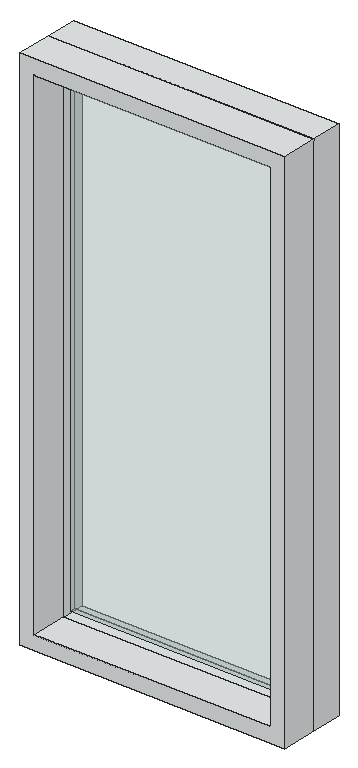
Revit family "CT_Janela_Interna_DEG", category Windows, host Wall, Revit 2025
Family settings
  Host = Wall
  OmniClass Number = 23.30.20.17.21.14
  OmniClass Title = Casement Windows
  Always vertical = Yes
  Cut with Voids When Loaded = No
  Shared = No
  Room Calculation Point = Yes
Parameters (values of type "JAN_060x120_INT_DEG_1PA")
  Material_Esquadria = CT_Esquadrias_Aluminio
  Material Painel = CT_Vidros
  Height = 1200.00 mm
  Define Thermal Properties by = Schematic Type
  Default Sill Height = Altura_Verga - Height  # 900.00 mm
  Trim Projection - Ext. = 12.50 mm
  Trim Projection - Int. = 12.50 mm
  Trim Width - Exterior = 50.00 mm
  Trim Width - Interior = 50.00 mm
  Wall Closure = By host
  Width = 600.00 mm
  Window Inset = 25.00 mm
  Analytic Construction = "<None>"
  Altura_Verga = 2100.00 mm
Types (4, lengths in mm): name | Height | Default Sill Height | Trim Projection - Ext. | Trim Projection - Int. | Trim Width - Exterior | Trim Width - Interior | Width | Window Inset
  JAN_200x060_INT_DEG_1PA | 600.00 | 1500.00 | 12.50 | 12.50 | 50.00 | 50.00 | 2000.00 | 25.00
  JAN_120x120_INT_DEG_1PA | 1200.00 | 900.00 | 12.50 | 12.50 | 50.00 | 50.00 | 1200.00 | 25.00
  JAN_060x120_INT_DEG_1PA | 1200.00 | 900.00 | 12.50 | 12.50 | 50.00 | 50.00 | 600.00 | 25.00
  JAN_080x080_INT_DEG_1PA | 800.00 | 1300.00 | 10.00 | 10.00 | 10.00 | 10.00 | 800.00 | 10.00
Reference planes
  plane 1: y = 0
  plane 2: z = 0
  plane 3 "Center": x = 0
  plane 4 "Left": x = -300
  plane 5 "Right": x = 300
  plane 6 "Sill": z = 900
  plane 7 "Top": z = 2100
  plane 8: y = 76.2
  plane 9: y = -76.2
  plane 10: y = 51.2
  plane 11 "Top": z = 1500
  plane 12: x = -280.95
  plane 13: x = -268.25
  plane 14: x = -330.95
  plane 15: x = -318.25
  plane 16: x = 268.25
  plane 17: x = 280.95
  plane 18: x = 318.25
  plane 19: x = 330.95
  plane 20: z = 2130.95
  plane 21: z = 2118.25
  plane 22: z = 2080.95
  plane 23: z = 2068.25
  plane 24: z = 931.75
  plane 25: z = 881.75
  plane 26 "Closure": y = 28.625
Forms (mm)
  Extrusion 1, solid, material "CT_Esquadrias_Aluminio" <- "Material_Esquadria"
    sketch origin (0, 0, 0) x (1, 0, 0) y (0, 0, 1)
      loop
        line (-300, 2100) -> (-300, 900) -> (300, 900) -> (300, 2100) -> (-300, 2100)
      loop
        line (-280.95, 2080.95) -> (-280.95, 919.05) -> (280.95, 919.05) -> (280.95, 2080.95) -> (-280.95, 2080.95)
    from -76.2 to -6.75
  Extrusion 2, solid, material "CT_Esquadrias_Aluminio" <- "Material_Esquadria"
    sketch origin (0, 0, 0) x (-1, 0, 0) y (0, 0, 1)
      loop
        line (-300, 2100) -> (-300, 900) -> (300, 900) -> (300, 2100) -> (-300, 2100)
      loop
        line (-268.25, 2068.25) -> (-268.25, 931.75) -> (268.25, 931.75) -> (268.25, 2068.25) -> (-268.25, 2068.25)
    from 6.75 to -76.2
  Extrusion 3, solid, material "CT_Vidros" <- "Material Painel"
    sketch origin (-124.971, -78.7, -117.036) x (1, 0, 0) y (0, 0, 1)
      loop
        line (-143.279, 2185.286) -> (-143.279, 1048.786) -> (393.221, 1048.786) -> (393.221, 2185.286) -> (-143.279, 2185.286)
    from -118.585 to -107.675
Lines and regions (mm)
  Opening 1
    outline origin (-1524, -76.2, 0) x (1, 0, 0) y (0, 0, 1)
      loop
        line (1224, 2100) -> (1224, 900) -> (1824, 900) -> (1824, 2100) -> (1224, 2100)
  symbolic lines, style "WindowsFrameMullionProjection"
    curve 1: line (-300, 76.2, 0) -> (-280.95, 76.2, 0)
    curve 2: line (-280.95, 6.75, 0) -> (-280.95, 76.2, 0)
    curve 3: line (-280.95, 6.75, 0) -> (-268.25, 6.75, 0)
    curve 4: line (-268.25, -76.2, 0) -> (-268.25, 6.75, 0)
    curve 5: line (300, 76.2, 0) -> (280.95, 76.2, 0)
    curve 6: line (268.25, 6.75, 0) -> (268.25, -76.2, 0)
    curve 7: line (268.25, 6.75, 0) -> (280.95, 6.75, 0)
    curve 8: line (280.95, 6.75, 0) -> (280.95, 76.2, 0)
    curve 9: line (-280.95, 51.2, 0) -> (-236.5, 51.2, 0)
    curve 10: line (-280.95, 51.2, 0) -> (-280.95, 6.75, 0)
    curve 11: line (-280.95, 6.75, 0) -> (-236.5, 6.75, 0)
    curve 12: line (-236.5, 51.2, 0) -> (-236.5, 6.75, 0)
    curve 13: line (280.95, 51.2, 0) -> (236.5, 51.2, 0)
    curve 14: line (280.95, 51.2, 0) -> (280.95, 6.75, 0)
    curve 15: line (280.95, 6.75, 0) -> (236.5, 6.75, 0)
    curve 16: line (236.5, 51.2, 0) -> (236.5, 6.75, 0)
    curve 18: line (-268.25, -76.2, 0) -> (-300, -76.2, 0)
    curve 19: line (268.25, -76.2, 0) -> (300, -76.2, 0)
  symbolic lines, style "WindowsGlassProjection"
    curve 17: line (-236.5, 28.975, 0) -> (236.5, 28.975, 0)
Text (mm)
  text "EXTERIOR" at (-1437.207, 772.553, 0), in view "Floor Line"
  text "INTERIOR" at (-1490.695, -608.643, 0), in view "Floor Line"
  text "Exterior" at (0, 1108.87, 3415.022), in view "Left"
  text "Exterior" at (0, 464.664, 3176.206), in view "Right"
Dimensions and locks
  equal spacing: plane 4 "Left", plane 3 "Center", plane 5 "Right"
  "Width": plane 4 "Left" to plane 5 "Right"
  plane 2 to plane 25 to plane 6 "Sill" to plane 11 "Top" to plane 7 "Top" = 881.75 mm, 18.25 mm, 600.00 mm, 600.00 mm
  "Window Inset": plane 8 to plane 10
  plane 10 to Extrusion 3 = 11.315 mm
  Extrusion 3 to Extrusion 3 = 10.91 mm
  equal spacing: plane 6 "Sill", plane 11 "Top", plane 7 "Top"
  locked: plane 4 "Left" to plane 13 at 31.75
  locked: plane 16 to plane 5 "Right" at 31.75
  locked: plane 4 "Left" to plane 12 at 19.05
  locked: plane 17 to plane 5 "Right" at 19.05
  locked: plane 22 to plane 7 "Top" at 19.05
  "Trim Width - Exterior": plane 22 to plane 20
  "Trim Width - Exterior": plane 17 to plane 19
  "Trim Width - Exterior": plane 14 to plane 12
  locked: plane 7 "Top" to plane 23 at 31.75
  locked: plane 24 to plane 6 "Sill" at 31.75
  "Trim Width - Interior": plane 21 to plane 23
  "Trim Width - Interior": plane 24 to plane 25
  "Trim Width - Interior": plane 15 to plane 13
  "Trim Width - Interior": plane 16 to plane 18
  "Height": plane 7 "Top" to plane 6 "Sill"
  "Default Sill Height": plane 6 "Sill" to plane 2
  locked: plane 8 to plane 26 "Closure" at 47.575
  "Altura_Verga": plane 7 "Top" to level
  aligned and locked: plane 7 "Top" to Opening 1 sketch curve
  aligned and locked: plane 6 "Sill" to Opening 1 sketch curve  (x2)
  aligned and locked: plane 5 "Right" to Opening 1 sketch curve
  aligned and locked: plane 4 "Left" to Opening 1 sketch curve
  aligned and locked: plane 9 to host wall
  aligned and locked: host wall to Extrusion 2
  aligned and locked: plane 8 to host wall
  aligned and locked: host wall to Extrusion 1
  aligned and locked: Extrusion 2 to Extrusion 1
  aligned and locked: curve 5 to Extrusion 1  (x2)
  aligned and locked: Extrusion 1 to curve 11
  aligned and locked: Extrusion 1 to curve 7
  aligned and locked: Extrusion 3 to Extrusion 2
  aligned and locked: Extrusion 2 to Extrusion 3  (x3)
  aligned and locked: Extrusion 3 to curve 17
Automatic sketch dimensions
  Extrusion 1 sketch curve to plane 4 "Left" = 0.00 mm
  Extrusion 1 sketch curve to plane 5 "Right" = 0.00 mm
  Extrusion 1 sketch curve to plane 4 "Left" = 19.05 mm
  plane 5 "Right" to Extrusion 1 sketch curve = 19.05 mm
  Extrusion 1 sketch curve to plane 6 "Sill" = 0.00 mm
  Extrusion 1 sketch curve to plane 7 "Top" = 0.00 mm
  Extrusion 1 sketch curve to plane 6 "Sill" = 19.05 mm
  plane 7 "Top" to Extrusion 1 sketch curve = 19.05 mm
  Extrusion 2 sketch curve to plane 5 "Right" = 0.00 mm
  Extrusion 2 sketch curve to plane 4 "Left" = 0.00 mm
  plane 5 "Right" to Extrusion 2 sketch curve = 31.75 mm
  Extrusion 2 sketch curve to plane 4 "Left" = 31.75 mm
  Extrusion 2 sketch curve to plane 6 "Sill" = 0.00 mm
  Extrusion 2 sketch curve to plane 7 "Top" = 0.00 mm
  Extrusion 2 sketch curve to plane 6 "Sill" = 31.75 mm
  plane 7 "Top" to Extrusion 2 sketch curve = 31.75 mm
  curve 18 to plane 4 "Left" = 0.00 mm
  curve 1 to plane 4 "Left" = 0.00 mm
  curve 2 to plane 8 = 0.00 mm
  curve 10 to plane 10 = 0.00 mm
  curve 13 to plane 10 = 0.00 mm
  curve 19 to plane 5 "Right" = 0.00 mm
  curve 2 to plane 4 "Left" = 19.05 mm
  curve 9 to curve 12 = 44.45 mm
  plane 5 "Right" to curve 13 = 19.05 mm
  curve 19 to plane 9 = 0.00 mm
  curve 4 to plane 9 = 0.00 mm
  plane 16 to curve 13 = 31.75 mm
  Extrusion 3 sketch curve to plane 13 = 0.00 mm
  plane 16 to Extrusion 3 sketch curve = 0.00 mm
  Extrusion 3 sketch curve to plane 24 = 0.00 mm
  plane 23 to Extrusion 3 sketch curve = 0.00 mm
  curve 3 to plane 13 = 0.00 mm
  curve 7 to plane 16 = 0.00 mm
